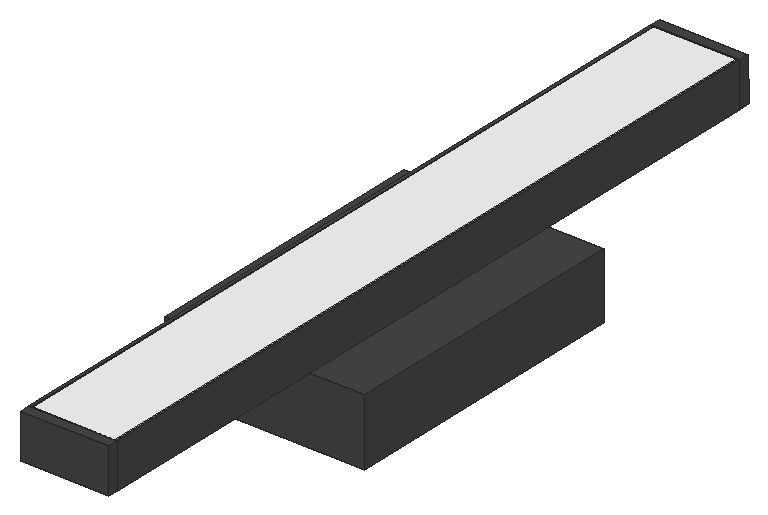
Revit family "AFX-Gale-Outdoor_Sconce+", category Lighting Fixtures, host Face, Revit 2020 (continued)
Types (7): name | Wattage Comments | Product Documentation Link | Photometric Web File | built-in parameter 1150142 | Model | Height Base | Height | Emit from Rectangle Length | Description | Body Finish | Base Finish
  GLEW0536L30UDTG | "35W" | "https://www.afxinc.com/products/productDetail.cfm?productID=1715" | "GLEW0536L30UDxx_IES.IES" | "IESNA:LM-63-2002\r\n[TEST] \r\n[TESTLAB] LCTECH 220226101004\r\n[TESTDATE] 2022/2/26\r\n[ISSUEDATE] 2022/2/26\r\n[MANUFAC] 있댐열\r\n[LUMCAT] OW0701-36-35-930C1-BK，OW0701-36-35-930C1-SS\r\n[LUMINAIRE] LED 됐??\r\n[LAMPCAT] \r\n[LAMP] \r\n[LumELE] 119.96 0.298 35.27 0.988\r\nTILT=NONE\r\n1 2412 1 37 7 1 2 .04 .9 0\r\n1 1 35.27\r\n0.00 5.00 10.00 15.00 20.00 25.00 30.00 35.00 40.00 45.00 50.00 55.00 60.00 65.00 70.00 75.00 80.00 85.00 90.00 95.00 100.00 105.00 110.00 115.00 120.00 125.00 130.00 135.00 140.00 145.00 150.00 155.00 160.00 165.00 170.00 175.00 180.00\r\n0.00 15.00 30.00 45.00 60.00 75.00 90.00\r\n1263.023 1253.753 1229.002 1184.569 1126.802 1055.016 971.082 878.929 779.834 678.228 577.90 478.166 384.323 296.827 215.542 141.792 77.906 29.409 5.297 1.142 1.142 1.096 1.096 1.096 1.187 1.37 1.461 1.598 1.781 1.964 2.192 2.238 2.283 2.329 2.512 2.603 \r\n1.326\r\n1263.023 1253.909 1226.90 1181.663 1120.219 1046.427 960.486 864.151 763.347 659.605 555.295 456.681 363.542 277.715 200.366 139.005 72.016 26.345 4.90 1.185 1.117 1.048 1.026 1.026 1.14 1.345 1.436 1.527 1.755 1.914 2.051 2.188 2.233 2.37 2.507 2.621 \r\n1.326\r\n1263.023 1251.623 1221.767 1172.516 1104.444 1019.11 920.731 813.673 702.482 594.199 488.14 393.455 315.462 230.362 164.132 106.735 58.26 21.593 4.292 1.181 0.954 0.885 0.863 0.908 1.022 1.181 1.271 1.43 1.612 1.839 2.044 2.157 2.271 2.339 2.475 2.611 \r\n1.326\r\n1263.023 1251.259 1216.207 1159.273 1079.601 977.801 865.664 746.996 627.582 513.425 411.72 323.118 248.55 185.16 131.383 85.087 46.568 17.481 3.356 1.156 0.771 0.794 0.703 0.703 0.816 1.02 1.134 1.292 1.496 1.723 1.95 2.108 2.222 2.358 2.494 2.585 1.326\r\n1263.023 1251.165 1213.381 1147.204 1054.071 941.107 830.988 685.335 560.366 446.94 352.687 274.85 208.217 153.764 109.13 71.326 38.782 14.381 2.70 0.907 0.612 0.522 0.499 0.612 0.68 0.884 1.043 1.179 1.361 1.61 1.86 2.064 2.177 2.336 2.495 2.563 1.326\r\n1263.023 1249.086 1207.321 1134.552 1033.328 910.111 778.054 642.264 515.377 406.707 316.878 243.683 183.37 136.071 96.516 62.746 34.153 12.226 1.959 0.653 0.428 0.428 0.428 0.45 0.585 0.765 0.923 1.058 1.238 1.509 1.801 2.026 2.116 2.252 2.409 2.522 \r\n1.326\r\n1263.023 1248.644 1206.309 1129.028 1025.973 898.789 761.411 628.306 498.63 391.879 303.469 233.00 174.95 129.588 91.749 59.385 31.651 10.639 1.202 0.49 0.401 0.401 0.356 0.401 0.534 0.757 0.89 1.024 1.246 1.425 1.781 2.003 2.137 2.315 2.359 2.537 1.326\r\n" | "GLEW0536L30UDTG" | 13 1/2" | 36" | 35 3/8" | "LED Outdoor Sconce - 4 1/2\"W x 2 1/2\"D x 36\"H" | AFX - Textured Grey | AFX - Textured Grey
